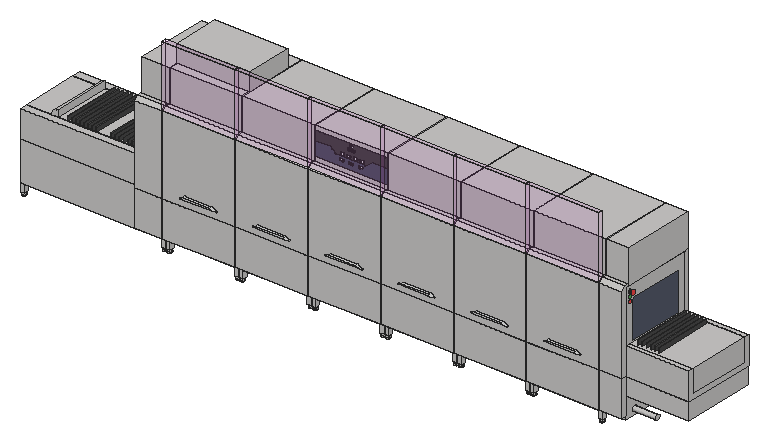
Revit family "QF_ELECTROLUXPROFESSIONAL_520718_EFTD108EL2U3D1M5R385", category Attrezzature speciali, Revit 2020
Family settings
  Quota connettore circolare = Usa diametro
  Tipo di parte = Normale
  Basato su piano di lavoro = No
  Sempre verticale = Sì
  Taglio con vuoti quando caricato = No
  Condiviso = No
  Punto di calcolo locali = No
Parameters (values of type "Standard")
  Weight = 1602.00 kg
  Watts = 93500 W
  Volts = 380 V
  URL Manufacturer = "https://www.electroluxprofessional.com/"
  URL = "https://www.electroluxprofessional.com/"
  Steam Supply Size = 0 mm
  Steam Supply Minimum Pressure = 0.0 Pa
  Steam Supply Maximum Pressure = 0.0 Pa
  Steam Consumption per Hour = 0
  Show Logo [instance] = yes
  Show Clearance [instance] = yes
  Refrigeration Suction Line Size = 0 mm
  Refrigeration Liquid Line Size = 0 mm
  Refrigerant Compressor Remote = yes
  Prospetto di default = 0 mm
  Produttore = "Electrolux Professional"
  Phase = 3
  Modello = "EFTD108EL2U3D1M5R385"
  Length Actual = 7350 mm  # constant formula
  Item Number = "520718"
  Hot Water Size = 0 mm
  Height Actual = 1983 mm  # constant formula
  HP = "125.4 HP"
  Gas Size = 0 mm
  Gas KW = 0
  Gas Input Pressure = 0 W
  Direct Waste Size = 50.8 mm
  Descrizione = "FT, 4Tanks, 10800D/H, El., 950mm loading, 1600mm unloading, 1Dryer, 55mm conveyor,R>L,380V50Hz3P"
  Depth Actual = 946 mm  # constant formula
  Cycle = 50 Hz
  Condensate Return Size = 0 mm
  Compressed Air Volume = 0.0 L/s
  Compressed Air Size = 0 mm
  Compressed Air Pressure = 0.0 Pa
  Cold Water Size = 0 mm
  Accessory = yes
Reference planes
  plane 1 "Centro (Fronte/Retro)": y = 0
  plane 2: z = 0
  plane 3 "Centro (Sinistra/Destra)": x = 0
  plane 4: z = 115
Forms (mm)
  Extrusion 1, solid, material "QF_Finishes_Stainless Steel"
    sketch origin (2882.404, 2, 1806.023) x (1, 0, 0) y (0, 0, 1)
      loop
        line (407.596, -163.023) -> (407.596, -183.023) -> (427.596, -183.023) -> (427.596, -163.023) -> (407.596, -163.023)
    from 0 to 2
  Extrusion 2, solid, material "QF_Finishes_Stainless Steel"
    sketch origin (-5.617, 22.464, 1290.159) x (0, 0, -1) y (0, 1, 0)
      loop
        circle (1102.159, -772.464) r 25
    from -9.383 to 5.617
  Extrusion 3, solid, material "QF_Finishes_Stainless Steel"
    sketch origin (3542.404, 2, 337.984) x (1, 0, 0) y (0, 0, 1)
      loop
        line (407.596, -163.023) -> (407.596, -183.023) -> (427.596, -183.023) -> (427.596, -163.023) -> (407.596, -163.023)
    from 0 to 2
  Extrusion 4, solid, material "QF_Finishes_Stainless Steel"
    sketch origin (847.841, 200.464, 109.383) x (1, 0, 0) y (0, 1, 0)
      loop
        circle (1102.159, -772.464) r 10
    from -9.383 to 5.617
  Extrusion 5, solid, material "QF_Finishes_Stainless Steel"
    sketch origin (6905.617, -1522.464, 1290.159) x (0, 0, -1) y (0, -1, 0)
      loop
        circle (1102.159, -772.464) r 25
    from -9.383 to 255.617
Dimensions and locks
  plane 4 to level = 115 mm
  aligned and locked: level to plane 2
Nested families
  nested 1: "MODULO_CENTER_800_FAN" at (1983.563, -388.258, 0), Show Clearance <- "Show Clearance", type "MODULO_CENTER_800_FAN"
    with Show Logo yes, Show Clearance yes, R_L no, L_R yes
  nested 2: "MODULO_CENTER_800" at (3583.563, -388.258, 0), Show Clearance <- "Show Clearance", type "MODULO_CENTER_800"
    with Show Logo yes, Show Clearance yes, R_L no, L_R yes
  nested 3: "MODULO_ENTRY_DISH_950" at (6791.437, -523.742, 0) x (-1, 0, 0) z (0, 0, 1), type "MODULO_ENTRY_DISH_950"
    with Show Logo yes, Show Clearance yes, R_L yes, L_R no
  nested 4: "MODULO_USCITA_DISH_1600" at (1241.437, -523.742, 0) x (-1, 0, 0) z (0, 0, 1), type "MODULO_USCITA_DISH_1600"
    with Show Logo yes, Show Clearance yes, R_L no, L_R yes
  nested 5: "Piedino_Square_115H" at (23.5, -838.5, 0), type "Piedino_Square_115H"
  nested 6: "Piedino_Square_115H" at (23.5, -73.5, 0), type "Piedino_Square_115H"
  nested 7: "Piedino_Square_115H" at (1576.5, -838.5, 0), type "Piedino_Square_115H"
  nested 8: "Piedino_Square_115H" at (1576.5, -73.5, 0), type "Piedino_Square_115H"
  nested 9: "Piedino_Square_115H" at (1623.5, -838.5, 0), type "Piedino_Square_115H"
  nested 10: "Piedino_Square_115H" at (1623.5, -73.5, 0), type "Piedino_Square_115H"
  nested 11: "Piedino_Square_115H" at (2376.5, -838.5, 0), type "Piedino_Square_115H"
  nested 12: "Piedino_Square_115H" at (2376.5, -73.5, 0), type "Piedino_Square_115H"
  nested 13: "Piedino_Square_115H" at (2423.5, -838.5, 0) x (-1, 0, 0) z (0, 0, 1), type "Piedino_Square_115H"
  nested 14: "Piedino_Square_115H" at (2423.5, -73.5, 0) x (-1, 0, 0) z (0, 0, 1), type "Piedino_Square_115H"
  nested 15: "Piedino_Square_115H" at (3176.5, -838.5, 0) x (-1, 0, 0) z (0, 0, 1), type "Piedino_Square_115H"
  nested 16: "Piedino_Square_115H" at (3176.5, -73.5, 0) x (-1, 0, 0) z (0, 0, 1), type "Piedino_Square_115H"
  nested 17: "Piedino_Square_115H" at (3223.5, -838.5, 0), type "Piedino_Square_115H"
  nested 18: "Piedino_Square_115H" at (3223.5, -73.5, 0), type "Piedino_Square_115H"
  nested 19: "Piedino_Square_115H" at (3976.5, -838.5, 0), type "Piedino_Square_115H"
  nested 20: "Piedino_Square_115H" at (3976.5, -73.5, 0), type "Piedino_Square_115H"
  nested 21: "MANIGLIA_FLIGHT_400" at (3600, -912, 639.28) x (1, 0, 0) z (0, -1, 0), type "MANIGLIA_FLIGHT_400"
  nested 22: "MANIGLIA_FLIGHT_400" at (2800, -912, 639.28) x (1, 0, 0) z (0, -1, 0), type "MANIGLIA_FLIGHT_400"
  nested 23: "MANIGLIA_FLIGHT_400" at (2000, -912, 639.28) x (1, 0, 0) z (0, -1, 0), type "MANIGLIA_FLIGHT_400"
  nested 24: "MODULO_CENTER_800" at (4416.437, -388.258, 0) x (-1, 0, 0) z (0, 0, 1), Show Clearance <- "Show Clearance", type "MODULO_CENTER_800"
    with Show Logo yes, Show Clearance yes, R_L no, L_R yes
  nested 25: "Piedino_Square_115H" at (4776.5, -838.5, 0) x (-1, 0, 0) z (0, 0, 1), type "Piedino_Square_115H"
  nested 26: "Piedino_Square_115H" at (4776.5, -73.5, 0) x (-1, 0, 0) z (0, 0, 1), type "Piedino_Square_115H"
  nested 27: "Piedino_Square_115H" at (4023.5, -838.5, 0) x (-1, 0, 0) z (0, 0, 1), type "Piedino_Square_115H"
  nested 28: "Piedino_Square_115H" at (4023.5, -73.5, 0) x (-1, 0, 0) z (0, 0, 1), type "Piedino_Square_115H"
  nested 29: "MANIGLIA_FLIGHT_400" at (4400, -912, 639.28) x (-1, 0, 0) z (0, -1, 0), type "MANIGLIA_FLIGHT_400"
  nested 30: "MODULO_CENTER_800" at (5183.563, -388.258, 0), Show Clearance <- "Show Clearance", type "MODULO_CENTER_800"
    with Show Logo yes, Show Clearance yes, R_L no, L_R yes
  nested 31: "Piedino_Square_115H" at (4823.5, -838.5, 0), type "Piedino_Square_115H"
  nested 32: "Piedino_Square_115H" at (4823.5, -73.5, 0), type "Piedino_Square_115H"
  nested 33: "Piedino_Square_115H" at (5576.5, -838.5, 0), type "Piedino_Square_115H"
  nested 34: "Piedino_Square_115H" at (5576.5, -73.5, 0), type "Piedino_Square_115H"
  nested 35: "MANIGLIA_FLIGHT_400" at (5200, -912, 639.28) x (1, 0, 0) z (0, -1, 0), type "MANIGLIA_FLIGHT_400"
  nested 36: "MODULO_CENTER_800" at (6016.437, -388.258, 0) x (-1, 0, 0) z (0, 0, 1), Show Clearance <- "Show Clearance", type "MODULO_CENTER_800"
    with Show Logo yes, Show Clearance yes, R_L no, L_R yes
  nested 37: "Piedino_Square_115H" at (6376.5, -838.5, 0) x (-1, 0, 0) z (0, 0, 1), type "Piedino_Square_115H"
  nested 38: "Piedino_Square_115H" at (6376.5, -73.5, 0) x (-1, 0, 0) z (0, 0, 1), type "Piedino_Square_115H"
  nested 39: "Piedino_Square_115H" at (5623.5, -838.5, 0) x (-1, 0, 0) z (0, 0, 1), type "Piedino_Square_115H"
  nested 40: "Piedino_Square_115H" at (5623.5, -73.5, 0) x (-1, 0, 0) z (0, 0, 1), type "Piedino_Square_115H"
  nested 41: "MANIGLIA_FLIGHT_400" at (6000, -912, 639.28) x (-1, 0, 0) z (0, -1, 0), type "MANIGLIA_FLIGHT_400"
  nested 42: "Schermo_Flight_800" at (3600, -815, 1593.097) x (1, 0, 0) z (0, -1, 0), type "Schermo_Flight_800"
  nested 43: "ELX_LOGO_WORDS_WHITE" at (3600, -816.6, 1683.097) x (1, 0, 0) z (0, -1, 0), Show Logo <- "Show Logo", visible <- "Show Logo", type "ELX_LOGO_WORDS_WHITE"
    with Show Logo yes
  nested 44: "ELX_LOGO_MONO_SMALL_WHITE" at (3590.08, -816.6, 1669.097) x (-1, 0, 0) z (0, -1, 0), Show Logo <- "Show Logo", visible <- "Show Logo", type "ELX_LOGO_MONO_SMALL_WHITE"
    with Show Logo yes
  nested 45: "MODULO_CENTER_800" at (2816.437, -388.258, 0) x (-1, 0, 0) z (0, 0, 1), Show Clearance <- "Show Clearance", type "MODULO_CENTER_800"
    with Show Logo yes, Show Clearance yes, R_L no, L_R yes
Connectors
  electrical at (3300, 2, 1633)
    settings: on Extrusion 1, index 69, voltage 0 V, apparent load 0 VA, apparent load phase1 0 VA, apparent load phase2 0 VA, apparent load phase3 0 VA, power factor 1, load classification "Altro", number of poles 1, system type 30, power factor state 1, is connector primary yes, connector utility no, sub classification motor no, connector description "EI"
  piping at (-15, -750, 188), diameter 50
    settings: on Extrusion 2, index 70, connector inside diameter 609.6 mm, connector length 0 mm, flow factor 0, pipe flow 0.0 L/s, pressure drop 0.0 Pa, fitting loss kfactor 0, connector angle 0.00°, fixture units 0, engagement length 0 mm, angle of deflection 0.00°, flow configuration 0, flow direction 0, fitting loss method 0, system type 29, joint type 0, gender type 0, connector reference index -1, connector utility 0, adjustable connector no, is connector primary yes, connector description "D"
  electrical at (3960, 2, 164.961)
    settings: on Extrusion 3, index 71, voltage 0 V, apparent load 0 VA, apparent load phase1 0 VA, apparent load phase2 0 VA, apparent load phase3 0 VA, power factor 1, load classification "Altro", number of poles 1, system type 30, power factor state 1, is connector primary no, connector utility no, sub classification motor no, connector description "EQ"
  piping at (1950, -572, 100), diameter 19.1
    settings: on Extrusion 4, index 72, connector inside diameter 609.6 mm, connector length 0 mm, flow factor 0, pipe flow 0.0 L/s, pressure drop 0.0 Pa, fitting loss kfactor 0, connector angle 0.00°, fixture units 0, engagement length 0 mm, angle of deflection 0.00°, flow configuration 0, flow direction 0, fitting loss method 0, system type 29, joint type 0, gender type 0, connector reference index -1, connector utility 0, adjustable connector no, is connector primary no, connector description "HWI/CWI"
  piping at (6915, -750, 188), diameter 50
    settings: on Extrusion 5, index 73, connector inside diameter 609.6 mm, connector length 0 mm, flow factor 0, pipe flow 0.0 L/s, pressure drop 0.0 Pa, fitting loss kfactor 0, connector angle 0.00°, fixture units 0, engagement length 0 mm, angle of deflection 0.00°, flow configuration 0, flow direction 0, fitting loss method 0, system type 29, joint type 0, gender type 0, connector reference index -1, connector utility 0, adjustable connector no, is connector primary no, connector description ""
Definition of nested family "MODULO_CENTER_800_FAN"
  Parameters (values of type "MODULO_CENTER_800_FAN")
    URL = "http://professional.electrolux.com"
    Show Logo [instance] = yes
    R_L [instance] = not(L_R)  # no
    Default Elevation = 0 mm
    Manufacturer = "Electrolux"
    Model = "ESR10E5"
    Length Actual = 800 mm
    Show Clearance [instance] = yes
    L_R [instance] = yes
    Height Actual = 1792 mm
    Description = "SINGLE RINSE RT, 100R/H, ELECTRIC 50HZ"
    Depth Actual = 912 mm
  Reference planes
    plane 1 "Center X": y = -67.742
    plane 2: z = 0
    plane 3 "LEFT": x = -383.563
    plane 4 "RIGHT": x = 416.437
    plane 5 "BACK": y = 388.258
    plane 6 "FEET": z = 115
    plane 7: z = 2092
    plane 8 "TOP": z = 1792
    plane 9 "FRONT": y = -523.742
    plane 10 "Left/Right": x = 16.437
    plane 11 "TopVent": z = 1983
  Forms (mm)
    Extrusion 1, solid
      sketch origin (416.437, 479.936, 4000) x (0, 1, 0) y (0, 0, 1)
        loop
          line (-91.678, -2208) -> (-906.678, -2208) -> (-906.678, -2580) -> (-91.678, -2580) -> (-91.678, -2208)
      from -800 to 0
    Extrusion 2, solid
      sketch origin (-383.563, 437.565, 3910) x (0, 1, 0) y (0, 0, 1)
        loop
          line (-99.307, -2490) -> (-911.307, -2490) -> (-911.307, -3552) -> (-99.307, -3552) -> (-99.307, -2490)
      from 800 to 0
    Extrusion 3, solid
      sketch origin (416.437, 479.936, 4299) x (0, 1, 0) y (0, 0, 1)
        loop
          line (-278.21, -2316) -> (-803.678, -2316) -> (-803.678, -2507) -> (-278.21, -2507) -> (-278.21, -2316)
      from -800 to 0
    Extrusion 4, solid
      sketch origin (16.437, 0, 1.5) x (0, 0, 1) y (0, -1, 0)
        loop
          line (356.5, -338.258) -> (356.5, 473.742) -> (113.5, 473.742) -> (113.5, -338.258) -> (356.5, -338.258)
      from 400 to -400
    Extrusion 5, solid
      sketch origin (16.437, 0, 0) x (0, 0, 1) y (0, -1, 0)
        loop
          line (1420, -338.258) -> (545, -338.258) -> (545, -388.258) -> (1420, -388.258) -> (1420, -338.258)
      from -400 to 400
    Extrusion 6, solid
      sketch origin (16.437, 0, 0) x (0, 0, 1) y (0, -1, 0)
        loop
          line (545, -388.258) -> (545, -338.258) -> (154, -338.258) -> (154, -388.258) -> (545, -388.258)
      from -400 to 400
    Extrusion 7, solid
      sketch origin (16.437, -882.484, -150) x (0, -1, 0) y (0, 0, 1)
        loop
          line (-358.742, 304) -> (-358.742, 695) -> (-408.742, 695) -> (-408.742, 304) -> (-358.742, 304)
      from -400 to 400
    Extrusion 8, solid
      sketch origin (16.437, -882.484, -151) x (0, -1, 0) y (0, 0, 1)
        loop
          line (-408.742, 1571) -> (-408.742, 696) -> (-358.742, 696) -> (-358.742, 1556) -> (-395.742, 1593) -> (-443.742, 1593) -> (-443.742, 1571) -> (-408.742, 1571)
      from -400 to 400
    Extrusion 9, solid, visible <- "Show Clearance"
      sketch origin (16.437, -882.484, 452) x (0, -1, 0) y (0, 0, 1)
        loop
          line (-408.742, 1640) -> (-408.742, 953.624) -> (-358.742, 953.624) -> (-358.742, 1640) -> (-408.742, 1640)
      from -400 to 400
  Dimensions and locks
    plane 3 "LEFT" to plane 4 "RIGHT" = 800 mm
    plane 5 "BACK" to plane 1 "Center X" to plane 9 "FRONT" = 456 mm, 456 mm
    plane 6 "FEET" to level = 115 mm  (x2)
    plane 6 "FEET" to plane 8 "TOP" = 1677 mm
    plane 5 "BACK" to plane 9 "FRONT" = 912 mm  (x2)
    plane 4 "RIGHT" to plane 3 "LEFT" = 800 mm
    plane 9 "FRONT" to plane 5 "BACK" = 912 mm
    level to plane 8 "TOP" = 1792 mm  (x2)
    plane 7 to level = 2092 mm
    plane 11 "TopVent" to plane 2 = 1983 mm
    plane 7 to plane 2 = 2092 mm
    Extrusion 2 to level = 1420 mm
    Extrusion 8 to level = 1442 mm
    plane 11 "TopVent" to level = 1983 mm
    aligned and locked: level to plane 2
Definition of nested family "MODULO_CENTER_800"
  Parameters (values of type "MODULO_CENTER_800")
    URL = "http://professional.electrolux.com"
    Show Logo [instance] = yes
    R_L [instance] = not(L_R)  # no
    Default Elevation = 0 mm
    Manufacturer = "Electrolux"
    Model = "ESR10E5"
    Length Actual = 800 mm
    Show Clearance [instance] = yes
    L_R [instance] = yes
    Height Actual = 1792 mm
    Description = "SINGLE RINSE RT, 100R/H, ELECTRIC 50HZ"
    Depth Actual = 912 mm
  Reference planes
    plane 1 "Center X": y = -67.742
    plane 2: z = 0
    plane 3 "LEFT": x = -383.563
    plane 4 "RIGHT": x = 416.437
    plane 5 "BACK": y = 388.258
    plane 6 "FEET": z = 115
    plane 7: z = 2092
    plane 8 "TOP": z = 1792
    plane 9 "FRONT": y = -523.742
    plane 10 "Left/Right": x = 16.437
  Forms (mm)
    Extrusion 1, solid
      sketch origin (416.437, 479.936, 4000) x (0, 1, 0) y (0, 0, 1)
        loop
          line (-91.678, -2208) -> (-906.678, -2208) -> (-906.678, -2580) -> (-91.678, -2580) -> (-91.678, -2208)
      from -800 to 0
    Extrusion 2, solid
      sketch origin (-383.563, 437.565, 3915) x (0, 1, 0) y (0, 0, 1)
        loop
          line (-99.307, -2495) -> (-911.307, -2495) -> (-911.307, -3557) -> (-99.307, -3557) -> (-99.307, -2495)
      from 800 to 0
    Extrusion 3, solid
      sketch origin (16.437, 0, 1.5) x (0, 0, 1) y (0, -1, 0)
        loop
          line (356.5, -338.258) -> (356.5, 473.742) -> (113.5, 473.742) -> (113.5, -338.258) -> (356.5, -338.258)
      from 400 to -400
    Extrusion 4, solid
      sketch origin (16.437, 0, 0) x (0, 0, 1) y (0, -1, 0)
        loop
          line (1420, -338.258) -> (545, -338.258) -> (545, -388.258) -> (1420, -388.258) -> (1420, -338.258)
      from -400 to 400
    Extrusion 5, solid
      sketch origin (16.437, 0, 0) x (0, 0, 1) y (0, -1, 0)
        loop
          line (545, -388.258) -> (545, -338.258) -> (154, -338.258) -> (154, -388.258) -> (545, -388.258)
      from -400 to 400
    Extrusion 6, solid
      sketch origin (16.437, -882.484, -150) x (0, -1, 0) y (0, 0, 1)
        loop
          line (-358.742, 304) -> (-358.742, 695) -> (-408.742, 695) -> (-408.742, 304) -> (-358.742, 304)
      from -400 to 400
    Extrusion 7, solid
      sketch origin (16.437, -882.484, -151) x (0, -1, 0) y (0, 0, 1)
        loop
          line (-408.742, 1571) -> (-408.742, 696) -> (-358.742, 696) -> (-358.742, 1556) -> (-395.742, 1593) -> (-443.742, 1593) -> (-443.742, 1571) -> (-408.742, 1571)
      from -400 to 400
    Extrusion 8, solid, visible <- "Show Clearance"
      sketch origin (16.437, -882.484, 452) x (0, -1, 0) y (0, 0, 1)
        loop
          line (-408.742, 1640) -> (-408.742, 953.624) -> (-358.742, 953.624) -> (-358.742, 1640) -> (-408.742, 1640)
      from -400 to 400
  Dimensions and locks
    plane 3 "LEFT" to plane 4 "RIGHT" = 800 mm
    plane 5 "BACK" to plane 1 "Center X" to plane 9 "FRONT" = 456 mm, 456 mm
    plane 6 "FEET" to level = 115 mm  (x2)
    plane 6 "FEET" to plane 8 "TOP" = 1677 mm
    plane 5 "BACK" to plane 9 "FRONT" = 912 mm  (x2)
    plane 4 "RIGHT" to plane 3 "LEFT" = 800 mm
    plane 9 "FRONT" to plane 5 "BACK" = 912 mm
    level to plane 8 "TOP" = 1792 mm  (x2)
    plane 7 to level = 2092 mm
    plane 7 to plane 2 = 2092 mm
    Extrusion 2 to level = 1420 mm
    Extrusion 7 to level = 1442 mm
    aligned and locked: level to plane 2
Definition of nested family "MODULO_ENTRY_DISH_950"
  Parameters (values of type "MODULO_ENTRY_DISH_950")
    URL = "http://professional.electrolux.com"
    Show Logo [instance] = yes
    R_L [instance] = not(L_R)  # no
    Default Elevation = 0 mm
    Manufacturer = "Electrolux"
    Model = "ESR10E5"
    Length Actual = 800 mm
    Show Clearance [instance] = yes
    L_R [instance] = yes
    Height Actual = 1792 mm
    Description = "SINGLE RINSE RT, 100R/H, ELECTRIC 50HZ"
    Depth Actual = 912 mm
  Reference planes
    plane 1 "Center (Front/Back)": y = -67.742
    plane 2: z = 0
    plane 3 "LEFT": x = -558.563
    plane 4 "RIGHT": x = 391.437
    plane 5 "BACK": y = 388.258
    plane 6 "FRONT": y = -523.742
    plane 7 "BUTTONS": y = -427.742
    plane 8: z = 115
    plane 9 "2": y = 292.258
  Forms (mm)
    Extrusion 1, solid, visible <- "L_R"
      sketch origin (391.437, 479.936, 4000) x (0, 1, 0) y (0, 0, 1)
        loop
          line (-91.678, -2208) -> (-906.678, -2208) -> (-906.678, -2580) -> (-91.678, -2580) -> (-91.678, -2208)
      from -250 to 0
    Extrusion 2, solid
      sketch origin (-358.563, 437.565, 3910) x (0, 1, 0) y (0, 0, 1)
        loop
          line (-99.307, -2490) -> (-911.307, -2490) -> (-911.307, -3552) -> (-99.307, -3552) -> (-99.307, -2490)
      from 750 to 500
    Extrusion 3, solid
      sketch origin (-558.563, 437.565, 3910) x (0, 1, 0) y (0, 0, 1)
        loop
          line (-99.307, -3365) -> (-99.307, -3060) -> (-149.307, -3060) -> (-149.307, -3315) -> (-861.307, -3315) -> (-861.307, -3060) -> (-911.307, -3060) -> (-911.307, -3365) -> (-99.307, -3365)
      from 700 to 0
    Extrusion 4, solid
      sketch origin (16.437, 0, -4.987) x (0, 0, 1) y (0, -1, 0)
        loop
          line (362.987, -338.258) -> (362.987, 473.742) -> (119.987, 473.742) -> (119.987, -338.258) -> (362.987, -338.258)
      from 375 to 125
    Extrusion 5, solid, visible <- "L_R"
      sketch origin (16.437, 0, 0) x (0, 0, 1) y (0, -1, 0)
        loop
          line (1420, -338.258) -> (545, -338.258) -> (545, -388.258) -> (1420, -388.258) -> (1420, -338.258)
      from 125 to 375
    Extrusion 6, solid
      sketch origin (16.437, 0, 0) x (0, 0, 1) y (0, -1, 0)
        loop
          line (545, -388.258) -> (545, -338.258) -> (154, -338.258) -> (154, -388.258) -> (545, -388.258)
      from 125 to 375
    Extrusion 7, solid
      sketch origin (-558.563, 437.565, 3607.258) x (0, 1, 0) y (0, 0, 1)
        loop
          line (-99.307, -3249.258) -> (-99.307, -3062.258) -> (-911.307, -3062.258) -> (-911.307, -3249.258) -> (-99.307, -3249.258)
      from 700 to 0
    Extrusion 8, solid
      sketch origin (-558.563, 437.565, 4000) x (0, 1, 0) y (0, 0, 1)
        loop
          line (-149.307, -3150) -> (-861.307, -3150) -> (-861.307, -3405) -> (-149.307, -3405) -> (-149.307, -3150)
      from 0 to 700
    Extrusion 9, solid
      sketch origin (266.437, -882.484, -150) x (0, -1, 0) y (0, 0, 1)
        loop
          line (-358.742, 304) -> (-358.742, 695) -> (-408.742, 695) -> (-408.742, 304) -> (-358.742, 304)
      from -125 to 125
    Extrusion 10, solid, visible <- "L_R"
      sketch origin (266.437, -882.484, -151) x (0, -1, 0) y (0, 0, 1)
        loop
          line (-408.742, 1571) -> (-408.742, 696) -> (-358.742, 696) -> (-358.742, 1556) -> (-395.742, 1593) -> (-443.742, 1593) -> (-443.742, 1571) -> (-408.742, 1571)
      from -125 to 125
    Extrusion 11, solid
      sketch origin (-358.563, 437.565, 4000) x (0, 1, 0) y (0, 0, 1)
        loop
          line (-199.307, -2725.701) -> (-811.307, -2725.701) -> (-811.307, -3137.701) -> (-199.307, -3137.701) -> (-199.307, -2725.701)
      from 495.458 to 500
    Extrusion 12, solid, visible <- "R_L"
      sketch origin (266.437, 747, -151) x (0, 1, 0) y (0, 0, -1)
        loop
          line (-408.742, -1571) -> (-443.742, -1571) -> (-443.742, -1593) -> (-395.742, -1593) -> (-358.742, -1556) -> (-358.742, -696) -> (-408.742, -696) -> (-408.742, -1571)
      from -125 to 125
    Extrusion 13, solid, visible <- "R_L"
      sketch origin (16.437, -135.484, 0) x (0, 0, 1) y (0, -1, 0)
        loop
          line (1420, 338.258) -> (1420, 388.258) -> (545, 388.258) -> (545, 338.258) -> (1420, 338.258)
      from 125 to 375
    Extrusion 14, solid, visible <- "R_L"
      sketch origin (391.437, -615.42, 4000) x (0, -1, 0) y (0, 0, -1)
        loop
          line (-91.678, 2208) -> (-91.678, 2580) -> (-906.678, 2580) -> (-906.678, 2208) -> (-91.678, 2208)
      from -250 to 0
    Extrusion 15, solid
      sketch origin (-191.477, -192.742, -3) x (-1, 0, 0) y (0, 0, 1)
        loop
          line (-26.676, 853) -> (-26.676, 898) -> (-36.676, 898) -> (-36.676, 853) -> (-26.676, 853)
      from -196 to 446
    Extrusion 16, solid
      sketch origin (-146.477, -192.742, -3) x (-1, 0, 0) y (0, 0, 1)
        loop
          line (-26.676, 853) -> (-26.676, 898) -> (-36.676, 898) -> (-36.676, 853) -> (-26.676, 853)
      from -196 to 446
    Extrusion 17, solid
      sketch origin (-101.477, -192.742, -3) x (-1, 0, 0) y (0, 0, 1)
        loop
          line (-26.676, 853) -> (-26.676, 898) -> (-36.676, 898) -> (-36.676, 853) -> (-26.676, 853)
      from -196 to 446
    Extrusion 18, solid
      sketch origin (-56.477, -192.742, -3) x (-1, 0, 0) y (0, 0, 1)
        loop
          line (-26.676, 853) -> (-26.676, 898) -> (-36.676, 898) -> (-36.676, 853) -> (-26.676, 853)
      from -196 to 446
    Extrusion 19, solid
      sketch origin (-11.477, -192.742, -3) x (-1, 0, 0) y (0, 0, 1)
        loop
          line (-26.676, 853) -> (-26.676, 898) -> (-36.676, 898) -> (-36.676, 853) -> (-26.676, 853)
      from -196 to 446
    Extrusion 20, solid
      sketch origin (33.523, -192.742, -3) x (-1, 0, 0) y (0, 0, 1)
        loop
          line (-26.676, 853) -> (-26.676, 898) -> (-36.676, 898) -> (-36.676, 853) -> (-26.676, 853)
      from -196 to 446
  Dimensions and locks
    plane 3 "LEFT" to plane 4 "RIGHT" = 950 mm
    plane 5 "BACK" to plane 1 "Center (Front/Back)" to plane 6 "FRONT" = 456 mm, 456 mm
    plane 5 "BACK" to plane 6 "FRONT" = 912 mm  (x2)
    plane 4 "RIGHT" to plane 3 "LEFT" = 950 mm  (x2)
    plane 6 "FRONT" to plane 5 "BACK" = 912 mm
    plane 8 to level = 115 mm
    Extrusion 1 to level = 1792 mm
    Extrusion 3 to level = 850 mm
    aligned and locked: level to plane 2
  Nested families
    nested 1: "BOTTONE_RED_STOP" at (141.437, -427.742, 1266.906) x (0, -1, 0) z (-1, 0, 0), visible <- "L_R", type "BOTTONE_RED_STOP"
    nested 2: "BOTTONE_EMERGENCY_STOP" at (141.437, -427.742, 1370) x (0, -1, 0) z (-1, 0, 0), visible <- "L_R", type "BOTTONE_EMERGENCY_STOP"
    nested 3: "BOTTONE_GREEN_START" at (141.437, -427.742, 1316.906) x (0, -1, 0) z (-1, 0, 0), visible <- "L_R", type "BOTTONE_GREEN_START"
    nested 4: "BOTTONE_RED_STOP" at (141.437, 292.258, 1267.906) x (0, 1, 0) z (-1, 0, 0), visible <- "R_L", type "BOTTONE_RED_STOP"
    nested 5: "BOTTONE_EMERGENCY_STOP" at (141.437, 292.258, 1371) x (0, 1, 0) z (-1, 0, 0), visible <- "R_L", type "BOTTONE_EMERGENCY_STOP"
    nested 6: "BOTTONE_GREEN_START" at (141.437, 292.258, 1317.906) x (0, 1, 0) z (-1, 0, 0), visible <- "R_L", type "BOTTONE_GREEN_START"
  Definition of nested family "BOTTONE_RED_STOP"
    Parameters (values of type "BOTTONE_RED_STOP")
      Default Elevation = 1219.2 mm
    Reference planes
      plane 1 "Centro (Fronte/Retro)": y = 0
      plane 2: z = 0
      plane 3 "Centro (Sinistra/Destra)": x = 0
    Forms (mm)
      Extrusion 1, solid
        sketch origin (0, 0, 0) x (1, 0, 0) y (0, 1, 0)
          loop
            line (-1219.2, 1219.2) -> (-1219.2, -1219.2) -> (1219.2, -1219.2) -> (1219.2, 1219.2) -> (-1219.2, 1219.2)
        from 0 to -304.8
      Extrusion 2, solid
        sketch origin (-367.513, 69.533, 15) x (-1, 0, 0) y (0, 1, 0)
          loop
            circle (-367.513, -69.533) r 15
        from 0 to 15
    Dimensions and locks
      aligned and locked: plane 2 to Extrusion 1
      aligned and locked: level to Extrusion 1
  Definition of nested family "BOTTONE_EMERGENCY_STOP"
    Parameters
      Default Elevation = 1219.2 mm
    Reference planes
      plane 1 "Centro (Fronte/Retro)": y = 0
      plane 2: z = 0
      plane 3 "Centro (Sinistra/Destra)": x = 0
    Forms (mm)
      Extrusion 1, solid
        sketch origin (0, 0, 0) x (1, 0, 0) y (0, 1, 0)
          loop
            line (-1219.2, 1219.2) -> (-1219.2, -1219.2) -> (1219.2, -1219.2) -> (1219.2, 1219.2) -> (-1219.2, 1219.2)
        from 0 to -304.8
      Extrusion 2, solid
        sketch origin (0, 0, 0) x (1, 0, 0) y (0, 1, 0)
          loop
            circle (0, 0) r 15
        from 0 to 20.273
      Blend 3, solid
        base sketch origin (-49.801, 0, 0) x (1, 0, 0) y (0, 1, 0)
          loop
            circle (49.801, 0) r 15
        top sketch origin (-49.801, 0, 0) x (1, 0, 0) y (0, 1, 0)
          loop
            circle (49.801, 0) r 25
        from 20.273 to 47.605
    Dimensions and locks
      aligned and locked: plane 2 to Extrusion 1
      aligned and locked: level to Extrusion 1
  Definition of nested family "BOTTONE_GREEN_START"
    Parameters (values of type "BOTTONE_GREEN_START")
      Default Elevation = 1219.2 mm
    Reference planes
      plane 1 "Centro (Fronte/Retro)": y = 0
      plane 2: z = 0
      plane 3 "Centro (Sinistra/Destra)": x = 0
    Forms (mm)
      Extrusion 1, solid
        sketch origin (0, 0, 0) x (1, 0, 0) y (0, 1, 0)
          loop
            line (-1219.2, 1219.2) -> (-1219.2, -1219.2) -> (1219.2, -1219.2) -> (1219.2, 1219.2) -> (-1219.2, 1219.2)
        from 0 to -304.8
      Extrusion 2, solid
        sketch origin (-367.513, 69.533, 15) x (-1, 0, 0) y (0, 1, 0)
          loop
            circle (-367.513, -69.533) r 15
        from 0 to 15
    Dimensions and locks
      aligned and locked: plane 2 to Extrusion 1
      aligned and locked: level to Extrusion 1
Definition of nested family "MODULO_USCITA_DISH_1600"
  Parameters (values of type "MODULO_USCITA_DISH_1600")
    URL = "http://professional.electrolux.com"
    Show Logo [instance] = yes
    R_L [instance] = not(L_R)  # yes
    Default Elevation = 0 mm
    Manufacturer = "Electrolux"
    Model = "ESR10E5"
    Length Actual = 800 mm
    Show Clearance [instance] = yes
    L_R [instance] = no
    Height Actual = 1792 mm
    Description = "SINGLE RINSE RT, 100R/H, ELECTRIC 50HZ"
    Depth Actual = 912 mm
  Reference planes
    plane 1 "Center (Front/Back)": y = -67.742
    plane 2: z = 0
    plane 3 "LEFT": x = -358.563
    plane 4 "BACK": y = 388.258
    plane 5 "FEET": z = 115
    plane 6 "TOP": z = 1792
    plane 7 "FRONT": y = -523.742
    plane 8: x = -358.563
    plane 9: y = -427.742
    plane 10 "RIGHT": x = 1241.437
  Forms (mm)
    Extrusion 1, solid, visible <- "R_L"
      sketch origin (-358.563, 479.936, 4003) x (0, 1, 0) y (0, 0, -1)
        loop
          line (-91.678, 2211) -> (-91.678, 2583) -> (-906.678, 2583) -> (-906.678, 2211) -> (-91.678, 2211)
      from -300 to 0
    Extrusion 2, solid
      sketch origin (-358.563, 437.565, 4003) x (0, 1, 0) y (0, 0, 1)
        loop
          line (-99.307, -3458) -> (-911.307, -3458) -> (-911.307, -3888) -> (-99.307, -3888) -> (-99.307, -3458)
      from 300 to 0
    Extrusion 3, solid
      sketch origin (-358.563, 479.936, 4003) x (0, 1, 0) y (0, 0, -1)
        loop
          line (-141.678, 2583) -> (-141.678, 3458) -> (-953.678, 3458) -> (-953.678, 2583) -> (-141.678, 2583)
      from -300 to 0
    Extrusion 4, solid
      sketch origin (391.437, 437.565, 3913) x (0, 1, 0) y (0, 0, -1)
        loop
          line (-99.307, 3368) -> (-911.307, 3368) -> (-911.307, 3063) -> (-826.307, 3063) -> (-826.307, 3318) -> (-184.307, 3318) -> (-184.307, 3063) -> (-99.307, 3063) -> (-99.307, 3368)
      from 450 to -850
    Extrusion 5, solid, visible <- "R_L"
      sketch origin (16.437, 0, 3) x (0, 0, 1) y (0, 1, 0)
        loop
          line (1417, 338.258) -> (1417, 388.258) -> (542, 388.258) -> (542, 338.258) -> (1417, 338.258)
      from 75 to 375
    Extrusion 6, solid
      sketch origin (16.437, 0, 3) x (0, 0, 1) y (0, 1, 0)
        loop
          line (542, 388.258) -> (151, 388.258) -> (151, 338.258) -> (542, 338.258) -> (542, 388.258)
      from 75 to 375
    Extrusion 7, solid
      sketch origin (391.437, 437.565, 3610.258) x (0, 1, 0) y (0, 0, -1)
        loop
          line (-99.307, 3495.258) -> (-911.307, 3495.258) -> (-911.307, 3065.258) -> (-99.307, 3065.258) -> (-99.307, 3495.258)
      from 450 to -850
    Extrusion 8, solid
      sketch origin (1241.437, 0, 3) x (0, 1, 0) y (0, 0, 1)
        loop
          line (253.258, 847) -> (-388.742, 847) -> (-388.742, 592) -> (253.258, 592) -> (253.258, 847)
      from 0 to -1300
    Extrusion 9, solid
      sketch origin (-358.563, 437.565, 3928) x (0, 1, 0) y (0, 0, 1)
        loop
          line (-811.307, -3065.701) -> (-199.307, -3065.701) -> (-199.307, -2653.701) -> (-811.307, -2653.701) -> (-811.307, -3065.701)
      from 300 to 304.77
    Extrusion 10, solid
      sketch origin (-208.563, -115, -147) x (0, 1, 0) y (0, 0, 1)
        loop
          line (-358.742, 301) -> (-358.742, 692) -> (-408.742, 692) -> (-408.742, 301) -> (-358.742, 301)
      from -150 to 150
    Extrusion 11, solid, visible <- "R_L"
      sketch origin (-208.563, -882.484, -151) x (0, -1, 0) y (0, 0, 1)
        loop
          line (-408.742, 1571) -> (-408.742, 696) -> (-358.742, 696) -> (-358.742, 1556) -> (-395.742, 1593) -> (-443.742, 1593) -> (-443.742, 1571) -> (-408.742, 1571)
      from -150 to 150
    Extrusion 12, solid
      sketch origin (-39.574, -192.742, -3) x (-1, 0, 0) y (0, 0, 1)
        loop
          line (-26.676, 853) -> (-26.676, 898) -> (-36.676, 898) -> (-36.676, 853) -> (-26.676, 853)
      from -196 to 446
    Extrusion 13, solid
      sketch origin (5.426, -192.742, -3) x (-1, 0, 0) y (0, 0, 1)
        loop
          line (-26.676, 853) -> (-26.676, 898) -> (-36.676, 898) -> (-36.676, 853) -> (-26.676, 853)
      from -196 to 446
    Extrusion 14, solid
      sketch origin (50.426, -192.742, -3) x (-1, 0, 0) y (0, 0, 1)
        loop
          line (-26.676, 853) -> (-26.676, 898) -> (-36.676, 898) -> (-36.676, 853) -> (-26.676, 853)
      from -196 to 446
    Extrusion 15, solid
      sketch origin (95.426, -192.742, -3) x (-1, 0, 0) y (0, 0, 1)
        loop
          line (-26.676, 853) -> (-26.676, 898) -> (-36.676, 898) -> (-36.676, 853) -> (-26.676, 853)
      from -196 to 446
    Extrusion 16, solid
      sketch origin (140.426, -192.742, -3) x (-1, 0, 0) y (0, 0, 1)
        loop
          line (-26.676, 853) -> (-26.676, 898) -> (-36.676, 898) -> (-36.676, 853) -> (-26.676, 853)
      from -196 to 446
    Extrusion 17, solid
      sketch origin (185.426, -192.742, -3) x (-1, 0, 0) y (0, 0, 1)
        loop
          line (-26.676, 853) -> (-26.676, 898) -> (-36.676, 898) -> (-36.676, 853) -> (-26.676, 853)
      from -196 to 446
    Extrusion 18, solid
      sketch origin (230.426, -192.742, -3) x (-1, 0, 0) y (0, 0, 1)
        loop
          line (-26.676, 853) -> (-26.676, 898) -> (-36.676, 898) -> (-36.676, 853) -> (-26.676, 853)
      from -196 to 446
    Extrusion 19, solid
      sketch origin (275.426, -192.742, -3) x (-1, 0, 0) y (0, 0, 1)
        loop
          line (-26.676, 853) -> (-26.676, 898) -> (-36.676, 898) -> (-36.676, 853) -> (-26.676, 853)
      from -196 to 446
    Revolve 20, solid
      sketch origin (460, 0, 850) x (1, 0, 0) y (0, 1, 0)
        loop
          line (430.204, 253.258) -> (430.204, -388.742) -> (502.335, -388.742) -> (502.335, 253.258) -> (430.204, 253.258)
        axis (430.204, 253.258) -> (430.204, -388.742)
      angle from 0 to -90
    Extrusion 21, solid, visible <- "L_R"
      sketch origin (-208.563, 747, -151) x (0, 1, 0) y (0, 0, -1)
        loop
          line (-408.742, -1571) -> (-443.742, -1571) -> (-443.742, -1593) -> (-395.742, -1593) -> (-358.742, -1556) -> (-358.742, -696) -> (-408.742, -696) -> (-408.742, -1571)
      from -150 to 150
    Extrusion 22, solid, visible <- "L_R"
      sketch origin (16.437, -135.484, 3) x (0, 0, 1) y (0, 1, 0)
        loop
          line (1417, -338.258) -> (542, -338.258) -> (542, -388.258) -> (1417, -388.258) -> (1417, -338.258)
      from 75 to 375
    Extrusion 23, solid, visible <- "L_R"
      sketch origin (-358.563, -615.42, 4003) x (0, -1, 0) y (0, 0, 1)
        loop
          line (-91.678, -2211) -> (-906.678, -2211) -> (-906.678, -2583) -> (-91.678, -2583) -> (-91.678, -2211)
      from -300 to 0
    Extrusion 24, solid
      sketch origin (440.426, -192.742, -3) x (-1, 0, 0) y (0, 0, 1)
        loop
          line (-26.676, 853) -> (-26.676, 898) -> (-36.676, 898) -> (-36.676, 853) -> (-26.676, 853)
      from -196 to 446
    Extrusion 25, solid
      sketch origin (485.426, -192.742, -3) x (-1, 0, 0) y (0, 0, 1)
        loop
          line (-26.676, 853) -> (-26.676, 898) -> (-36.676, 898) -> (-36.676, 853) -> (-26.676, 853)
      from -196 to 446
    Extrusion 26, solid
      sketch origin (530.426, -192.742, -3) x (-1, 0, 0) y (0, 0, 1)
        loop
          line (-26.676, 853) -> (-26.676, 898) -> (-36.676, 898) -> (-36.676, 853) -> (-26.676, 853)
      from -196 to 446
    Extrusion 27, solid
      sketch origin (575.426, -192.742, -3) x (-1, 0, 0) y (0, 0, 1)
        loop
          line (-26.676, 853) -> (-26.676, 898) -> (-36.676, 898) -> (-36.676, 853) -> (-26.676, 853)
      from -196 to 446
    Extrusion 28, solid
      sketch origin (620.426, -192.742, -3) x (-1, 0, 0) y (0, 0, 1)
        loop
          line (-26.676, 853) -> (-26.676, 898) -> (-36.676, 898) -> (-36.676, 853) -> (-26.676, 853)
      from -196 to 446
    Extrusion 29, solid
      sketch origin (665.426, -192.742, -3) x (-1, 0, 0) y (0, 0, 1)
        loop
          line (-26.676, 853) -> (-26.676, 898) -> (-36.676, 898) -> (-36.676, 853) -> (-26.676, 853)
      from -196 to 446
    Extrusion 30, solid
      sketch origin (710.426, -192.742, -3) x (-1, 0, 0) y (0, 0, 1)
        loop
          line (-26.676, 853) -> (-26.676, 898) -> (-36.676, 898) -> (-36.676, 853) -> (-26.676, 853)
      from -196 to 446
    Extrusion 31, solid
      sketch origin (755.426, -192.742, -3) x (-1, 0, 0) y (0, 0, 1)
        loop
          line (-26.676, 853) -> (-26.676, 898) -> (-36.676, 898) -> (-36.676, 853) -> (-26.676, 853)
      from -196 to 446
  Dimensions and locks
    plane 4 "BACK" to plane 1 "Center (Front/Back)" to plane 7 "FRONT" = 456 mm, 456 mm
    plane 5 "FEET" to level = 115 mm  (x2)
    plane 4 "BACK" to plane 7 "FRONT" = 912 mm  (x2)
    plane 7 "FRONT" to plane 4 "BACK" = 912 mm
    level to plane 6 "TOP" = 1792 mm
    plane 3 "LEFT" to plane 10 "RIGHT" = 1600 mm
    plane 8 to plane 10 "RIGHT" = 1600 mm
    plane 6 "TOP" to level = 1792 mm
    aligned and locked: level to plane 2
  Nested families
    nested 1: "BOTTONE_EMERGENCY_STOP" at (-58.563, -427.742, 1369) x (0, -1, 0) z (1, 0, 0), visible <- "R_L", type "BOTTONE_EMERGENCY_STOP"
    nested 2: "BOTTONE_GREEN_START" at (-58.563, -427.742, 1315.906) x (0, -1, 0) z (1, 0, 0), visible <- "R_L", type "BOTTONE_GREEN_START"
    nested 3: "BOTTONE_RED_STOP" at (-58.563, -427.742, 1265.906) x (0, -1, 0) z (1, 0, 0), visible <- "R_L", type "BOTTONE_RED_STOP"
    nested 4: "BOTTONE_EMERGENCY_STOP" at (-58.563, 292.258, 1369) x (0, 1, 0) z (1, 0, 0), visible <- "L_R", type "BOTTONE_EMERGENCY_STOP"
    nested 5: "BOTTONE_GREEN_START" at (-58.563, 292.258, 1315.906) x (0, 1, 0) z (1, 0, 0), visible <- "L_R", type "BOTTONE_GREEN_START"
    nested 6: "BOTTONE_RED_STOP" at (-58.563, 292.258, 1265.906) x (0, 1, 0) z (1, 0, 0), visible <- "L_R", type "BOTTONE_RED_STOP"
  Definition of nested family "BOTTONE_EMERGENCY_STOP"
    Parameters
      Default Elevation = 1219.2 mm
    Reference planes
      plane 1 "Centro (Fronte/Retro)": y = 0
      plane 2: z = 0
      plane 3 "Centro (Sinistra/Destra)": x = 0
    Forms (mm)
      Extrusion 1, solid
        sketch origin (0, 0, 0) x (1, 0, 0) y (0, 1, 0)
          loop
            line (-1219.2, 1219.2) -> (-1219.2, -1219.2) -> (1219.2, -1219.2) -> (1219.2, 1219.2) -> (-1219.2, 1219.2)
        from 0 to -304.8
      Extrusion 2, solid
        sketch origin (0, 0, 0) x (1, 0, 0) y (0, 1, 0)
          loop
            circle (0, 0) r 15
        from 0 to 20.273
      Blend 3, solid
        base sketch origin (-49.801, 0, 0) x (1, 0, 0) y (0, 1, 0)
          loop
            circle (49.801, 0) r 15
        top sketch origin (-49.801, 0, 0) x (1, 0, 0) y (0, 1, 0)
          loop
            circle (49.801, 0) r 25
        from 20.273 to 47.605
    Dimensions and locks
      aligned and locked: plane 2 to Extrusion 1
      aligned and locked: level to Extrusion 1
  Definition of nested family "BOTTONE_GREEN_START"
    Parameters (values of type "BOTTONE_GREEN_START")
      Default Elevation = 1219.2 mm
    Reference planes
      plane 1 "Centro (Fronte/Retro)": y = 0
      plane 2: z = 0
      plane 3 "Centro (Sinistra/Destra)": x = 0
    Forms (mm)
      Extrusion 1, solid
        sketch origin (0, 0, 0) x (1, 0, 0) y (0, 1, 0)
          loop
            line (-1219.2, 1219.2) -> (-1219.2, -1219.2) -> (1219.2, -1219.2) -> (1219.2, 1219.2) -> (-1219.2, 1219.2)
        from 0 to -304.8
      Extrusion 2, solid
        sketch origin (-367.513, 69.533, 15) x (-1, 0, 0) y (0, 1, 0)
          loop
            circle (-367.513, -69.533) r 15
        from 0 to 15
    Dimensions and locks
      aligned and locked: plane 2 to Extrusion 1
      aligned and locked: level to Extrusion 1
  Definition of nested family "BOTTONE_RED_STOP"
    Parameters (values of type "BOTTONE_RED_STOP")
      Default Elevation = 1219.2 mm
    Reference planes
      plane 1 "Centro (Fronte/Retro)": y = 0
      plane 2: z = 0
      plane 3 "Centro (Sinistra/Destra)": x = 0
    Forms (mm)
      Extrusion 1, solid
        sketch origin (0, 0, 0) x (1, 0, 0) y (0, 1, 0)
          loop
            line (-1219.2, 1219.2) -> (-1219.2, -1219.2) -> (1219.2, -1219.2) -> (1219.2, 1219.2) -> (-1219.2, 1219.2)
        from 0 to -304.8
      Extrusion 2, solid
        sketch origin (-367.513, 69.533, 15) x (-1, 0, 0) y (0, 1, 0)
          loop
            circle (-367.513, -69.533) r 15
        from 0 to 15
    Dimensions and locks
      aligned and locked: plane 2 to Extrusion 1
      aligned and locked: level to Extrusion 1
Definition of nested family "Piedino_Square_115H"
  Parameters (values of type "Piedino_Square_115H")
    Default Elevation = 0 mm
  Reference planes
    plane 1 "Centro (Fronte/Retro)": y = 0
    plane 2: z = 0
    plane 3 "Centro (Sinistra/Destra)": x = 0
    plane 4: z = 115
  Forms (mm)
    Extrusion 1, solid
      sketch origin (0, 0, 0) x (1, 0, 0) y (0, 1, 0)
        loop
          circle (0, 0) r 23
      from 0 to 5
    Extrusion 2, solid
      sketch origin (0, 0, 5) x (1, 0, 0) y (0, 1, 0)
        loop
          circle (0, 0) r 20
      from 0 to 25.777
    Extrusion 3, solid
      sketch origin (0, 0, 30.777) x (1, 0, 0) y (0, 1, 0)
        loop
          line (-23.5, 23.5) -> (-23.5, -23.5) -> (23.5, -23.5) -> (23.5, 23.5) -> (-23.5, 23.5)
      from 0 to 84.223
  Dimensions and locks
    plane 4 to level = 115 mm  (x2)
    radius of Extrusion 1 sketch curve = 23 mm
    aligned and locked: level to plane 2
    aligned and locked: Extrusion 1 to level
Definition of nested family "MANIGLIA_FLIGHT_400"
  Parameters
    Default Elevation = 1219.2 mm
  Reference planes
    plane 1 "Centro (Fronte/Retro)": y = 0
    plane 2: z = 0
    plane 3 "Centro (Sinistra/Destra)": x = 0
  Forms (mm)
    Extrusion 1, solid
      sketch origin (0, 0, 0) x (1, 0, 0) y (0, 1, 0)
        loop
          line (-1219.2, 1219.2) -> (-1219.2, -1219.2) -> (1219.2, -1219.2) -> (1219.2, 1219.2) -> (-1219.2, 1219.2)
      from 0 to -304.8
    Extrusion 2, solid
      sketch origin (-503, 656.113, -50) x (-1, 0, 0) y (0, 1, 0)
        loop
          line (-651.038, -638.613) -> (-703, -668.613) -> (-703, -673.613) -> (-658.503, -673.613) -> (-623.862, -653.613) -> (-382.138, -653.613) -> (-347.497, -673.613) -> (-303, -673.613) -> (-303, -668.613) -> (-354.962, -638.613) -> (-651.038, -638.613)
      from -86.258 to -50
    Extrusion 3, void
      sketch origin (0, -681.887, 358.742) x (0, 0, 1) y (0, 1, 0)
        loop
          line (-322.484, 684.387) -> (-353.281, 664.387) -> (-322.484, 664.387) -> (-322.484, 684.387)
      from -200 to 200
  Cuts and joins
    Extrusion 3 cuts Extrusion 2
  Dimensions and locks
    cut or joined group of Extrusion 2, Extrusion 3 to cut or joined group of Extrusion 2, Extrusion 3 = 400 mm
    cut or joined group of Extrusion 2, Extrusion 3 to cut or joined group of Extrusion 2, Extrusion 3 = 35 mm
    aligned and locked: plane 2 to Extrusion 1
    aligned and locked: level to Extrusion 1
Definition of nested family "Schermo_Flight_800"
  Parameters (values of type "Schermo_Flight_800")
    Default Elevation = 1219.2 mm
  Reference planes
    plane 1 "Center (Front/Back)": y = 0
    plane 2: z = 0
    plane 3 "Center (Left/Right)": x = 0
  Forms (mm)
    Extrusion 1, solid
      sketch origin (0, 0, 0) x (1, 0, 0) y (0, 1, 0)
        loop
          line (-1219.2, 1219.2) -> (-1219.2, -1219.2) -> (1219.2, -1219.2) -> (1219.2, 1219.2) -> (-1219.2, 1219.2)
      from 0 to -304.8
    Extrusion 2, solid
      sketch origin (0, -25, 0) x (1, 0, 0) y (0, 1, 0)
        loop
          line (-400, -82.94) -> (400, -82.94) -> (400, 70.507) -> (238.561, 70.507) -> (167.154, 20.507) -> (-167.154, 20.507) -> (-238.561, 70.507) -> (-400, 70.507) -> (-400, -82.94)
        loop
          line (-126.915, -7.668) -> (-126.915, -27.668) -> (-81.915, -27.668) -> (-81.915, -7.668) -> (-126.915, -7.668)
        loop
          line (-22.5, -7.668) -> (-22.5, -27.668) -> (22.5, -27.668) -> (22.5, -7.668) -> (-22.5, -7.668)
        loop
          line (126.915, -7.668) -> (81.915, -7.668) -> (81.915, -27.668) -> (126.915, -27.668) -> (126.915, -7.668)
      from 0 to 1.6
    Extrusion 3, solid
      sketch origin (0, -25, 0) x (1, 0, 0) y (0, 1, 0)
        loop
          line (-400, 177.06) -> (-400, 70.507) -> (-238.561, 70.507) -> (-167.154, 20.507) -> (167.154, 20.507) -> (238.561, 70.507) -> (400, 70.507) -> (400, 177.06) -> (-400, 177.06)
        loop
          line (-117.417, 56.68) -> (-117.417, 31.68) -> (-77.417, 31.68) -> (-77.417, 56.68) -> (-117.417, 56.68)
        loop
          line (-47.417, 56.68) -> (-47.417, 31.68) -> (-7.417, 31.68) -> (-7.417, 56.68) -> (-47.417, 56.68)
        loop
          line (27.583, 56.68) -> (27.583, 31.68) -> (67.583, 31.68) -> (67.583, 56.68) -> (27.583, 56.68)
        loop
          line (97.583, 56.68) -> (97.583, 31.68) -> (137.583, 31.68) -> (137.583, 56.68) -> (97.583, 56.68)
      from 0 to 1.6
    Extrusion 4, solid
      sketch origin (0, 0, 0) x (1, 0, 0) y (0, 1, 0)
        loop
          line (-117.417, 31.68) -> (-117.417, 6.68) -> (-77.417, 6.68) -> (-77.417, 31.68) -> (-117.417, 31.68)
        loop
          line (-47.417, 31.68) -> (-47.417, 6.68) -> (-7.417, 6.68) -> (-7.417, 31.68) -> (-47.417, 31.68)
        loop
          line (27.583, 31.68) -> (27.583, 6.68) -> (67.583, 6.68) -> (67.583, 31.68) -> (27.583, 31.68)
        loop
          line (97.583, 31.68) -> (97.583, 6.68) -> (137.583, 6.68) -> (137.583, 31.68) -> (97.583, 31.68)
        loop
          line (-126.915, -32.668) -> (-126.915, -52.668) -> (-81.915, -52.668) -> (-81.915, -32.668) -> (-126.915, -32.668)
        loop
          line (-22.5, -32.668) -> (-22.5, -52.668) -> (22.5, -52.668) -> (22.5, -32.668) -> (-22.5, -32.668)
        loop
          line (81.915, -32.668) -> (81.915, -52.668) -> (126.915, -52.668) -> (126.915, -32.668) -> (81.915, -32.668)
      from 0 to 1.6
  Dimensions and locks
    Extrusion 3 to Extrusion 3 = 800 mm
    Extrusion 2 to Extrusion 3 = 260 mm
    aligned and locked: plane 2 to Extrusion 1
    aligned and locked: level to Extrusion 1
Definition of nested family "ELX_LOGO_WORDS_WHITE"
  Parameters (values of type "ELX_LOGO_WORDS_WHITE")
    Show Logo [instance] = yes
    Default Elevation = 0 mm
  Reference planes
    plane 1 "Centro (Fronte/Retro)": y = 0
    plane 2: z = 0
    plane 3 "Centro (Sinistra/Destra)": x = 0
  Forms (mm)
    Extrusion 1, solid
      sketch origin (0, 0, 0) x (1, 0, 0) y (0, 1, 0)
        loop
          line (-1219.2, 1219.2) -> (-1219.2, -1219.2) -> (1219.2, -1219.2) -> (1219.2, 1219.2) -> (-1219.2, 1219.2)
      from 0 to -304.8
    Extrusion 2, solid, visible <- "Show Logo"
      sketch origin (0, 0, 0) x (1, 0, 0) y (0, 1, 0)
        loop
          line (-30.234, 10.561) -> (-37.67, 10.561) -> (-37.67, 1.902)
          arc (-37.67, 1.902) -> (-36.691, -0.461) -> (-34.329, -1.439) r 3.341
          line (-34.329, -1.439) -> (-30.09, -1.439) -> (-30.09, 0.503) -> (-33.845, 0.503)
          arc (-33.845, 0.503) -> (-35.079, 0.92) -> (-35.604, 2.112) r 1.615
          line (-35.604, 2.112) -> (-35.604, 3.829) -> (-30.555, 3.829) -> (-30.555, 5.779) -> (-35.604, 5.779) -> (-35.604, 8.617) -> (-30.234, 8.617) -> (-30.234, 10.561)
        loop
          line (-28.622, 10.561) -> (-28.622, -1.439) -> (-26.555, -1.439) -> (-26.555, 10.561) -> (-28.622, 10.561)
        loop
          line (16.27, 10.561) -> (16.27, -1.439) -> (18.338, -1.439) -> (18.338, 10.561) -> (16.27, 10.561)
        loop
          line (-23.137, 2.393) -> (-16.354, 2.393)
          arc (-16.354, 2.393) -> (-17.415, 6.119) -> (-21.043, 7.478) r 4.298
          arc (-21.043, 7.478) -> (-24.239, 5.857) -> (-25.151, 2.393) r 4.373
          arc (-25.151, 2.393) -> (-23.951, -0.505) -> (-21.053, -1.705) r 4.097
          arc (-21.053, -1.705) -> (-18.799, -1.372) -> (-16.908, -0.099) r 5.15
          line (-16.908, -0.099) -> (-18.133, 1.125)
          arc (-18.133, 1.125) -> (-19.74, 0.161) -> (-21.607, 0.323) r 3.039
          arc (-21.607, 0.323) -> (-22.746, 1.081) -> (-23.137, 2.393) r 2.013
        loop
          line (-23.085, 3.846) -> (-18.431, 3.846)
          arc (-18.431, 3.846) -> (-19.084, 5.22) -> (-20.519, 5.727) r 1.983
          arc (-20.519, 5.727) -> (-22.175, 5.295) -> (-23.085, 3.846) r 2.321
        loop
          line (-8.297, 4.711) -> (-6.999, 6.009)
          arc (-6.999, 6.009) -> (-8.627, 7.187) -> (-10.604, 7.539) r 4.497
          arc (-10.604, 7.539) -> (-13.621, 6.437) -> (-15.204, 3.642) r 4.652
          arc (-15.204, 3.642) -> (-12.536, -1.257) -> (-7.072, -0.127) r 4.684
          line (-7.072, -0.127) -> (-8.363, 1.163)
          arc (-8.363, 1.163) -> (-11.149, 0.242) -> (-13.145, 2.393) r 2.714
          arc (-13.145, 2.393) -> (-13.006, 4.094) -> (-11.835, 5.335) r 2.578
          arc (-11.835, 5.335) -> (-9.96, 5.621) -> (-8.297, 4.711) r 2.961
        loop
          line (-5.73, 10.561) -> (-5.73, 2.36)
          arc (-5.73, 2.36) -> (-5.551, 1.13) -> (-5.09, -0.025) r 5.301
          arc (-5.09, -0.025) -> (-3.615, -1.198) -> (-1.746, -1.445) r 3.531
          line (-1.746, -1.445) -> (-1.746, 0.492)
          arc (-1.746, 0.492) -> (-2.302, 0.534) -> (-2.82, 0.74) r 1.862
          arc (-2.82, 0.74) -> (-3.484, 1.442) -> (-3.662, 2.393) r 1.713
          line (-3.662, 2.393) -> (-3.662, 5.362) -> (-1.785, 5.362) -> (-1.785, 7.24) -> (-3.662, 7.24) -> (-3.662, 10.561) -> (-5.73, 10.561)
        loop
          arc (2.004, 3.123) -> (2.152, 3.988) -> (2.578, 4.755) r 2.607
          arc (2.578, 4.755) -> (3.817, 5.391) -> (5.208, 5.362) r 2.84
          line (5.208, 5.362) -> (5.208, 7.349)
          arc (5.208, 7.349) -> (3.39, 7.177) -> (2.004, 5.989) r 3.016
          line (2.004, 5.989) -> (2.004, 7.24) -> (-0.046, 7.24) -> (-0.046, -1.439) -> (2.004, -1.439) -> (2.004, 3.123)
        loop
          circle (10.262, 2.899) r 4.599
        loop
          circle (10.262, 2.899) r 2.787
        loop
          arc (25.793, 2.175) -> (25.283, 0.772) -> (23.898, 0.213) r 1.835
          arc (23.898, 0.213) -> (22.514, 0.772) -> (22.004, 2.175) r 1.835
          line (22.004, 2.175) -> (22.004, 7.24) -> (19.919, 7.24) -> (19.919, 2.003)
          arc (19.919, 2.003) -> (21.105, -0.701) -> (23.898, -1.659) r 3.675
          arc (23.898, -1.659) -> (26.723, -0.672) -> (27.877, 2.088) r 3.675
          line (27.877, 2.088) -> (27.877, 7.24) -> (25.793, 7.24) -> (25.793, 2.175)
        loop
          line (29.126, 7.24) -> (32.128, 3.164) -> (28.83, -1.442) -> (31.052, -1.442) -> (33.241, 1.615) -> (35.462, -1.442) -> (37.67, -1.442) -> (34.419, 3.211) -> (37.392, 7.24) -> (35.135, 7.24) -> (33.234, 4.663) -> (31.362, 7.24) -> (29.126, 7.24)
        loop
          line (-35.875, -6.414) -> (-37.523, -6.414) -> (-37.523, -10.564) -> (-36.621, -10.564) -> (-36.621, -9.135) -> (-35.625, -9.135)
          arc (-35.625, -9.135) -> (-34.509, -7.66) -> (-35.875, -6.414) r 1.372
        loop
          arc (-35.664, -8.32) -> (-35.322, -7.786) -> (-35.664, -7.253) r 0.587
          line (-35.664, -7.253) -> (-36.621, -7.253) -> (-36.621, -8.32) -> (-35.664, -8.32)
        loop
          line (-29.363, -6.414) -> (-31.04, -6.414) -> (-31.04, -10.564) -> (-30.138, -10.564) -> (-30.138, -9.135) -> (-29.265, -9.135) -> (-28.669, -10.564) -> (-27.7, -10.564) -> (-28.516, -8.814)
          arc (-28.516, -8.814) -> (-28.125, -8.347) -> (-27.994, -7.752) r 1.281
          arc (-27.994, -7.752) -> (-28.406, -6.804) -> (-29.363, -6.414) r 1.37
        loop
          line (-30.138, -7.253) -> (-30.138, -8.32) -> (-29.18, -8.32)
          arc (-29.18, -8.32) -> (-28.839, -7.786) -> (-29.18, -7.253) r 0.587
          line (-29.18, -7.253) -> (-30.138, -7.253)
        loop
          circle (-22.402, -8.489) r 2.156
        loop
          circle (-22.402, -8.489) r 1.368
        loop
          line (-16.703, -6.414) -> (-16.703, -10.564) -> (-15.823, -10.564) -> (-15.823, -9.114) -> (-14.261, -9.114) -> (-14.261, -8.184) -> (-15.823, -8.184) -> (-15.823, -7.308) -> (-14.111, -7.308) -> (-14.111, -6.414) -> (-16.703, -6.414)
        loop
          line (-10.611, -6.414) -> (-10.611, -9.216)
          arc (-10.611, -9.216) -> (-10.229, -10.166) -> (-9.284, -10.561) r 1.327
          line (-9.284, -10.561) -> (-7.945, -10.561) -> (-7.945, -9.777) -> (-9.204, -9.777)
          arc (-9.204, -9.777) -> (-9.668, -9.394) -> (-9.759, -8.799) r 0.845
          line (-9.759, -8.799) -> (-8.1, -8.799) -> (-8.1, -8.015) -> (-9.759, -8.015) -> (-9.759, -7.198) -> (-7.985, -7.198) -> (-7.985, -6.414) -> (-10.611, -6.414)
        loop
          arc (4.417, -6.94) -> (3.867, -6.489) -> (3.171, -6.345) r 1.485
          arc (3.171, -6.345) -> (2.528, -6.503) -> (2, -6.902) r 1.645
          arc (2, -6.902) -> (1.902, -7.844) -> (2.51, -8.571) r 1.217
          arc (2.51, -8.571) -> (3.021, -8.741) -> (3.506, -8.976) r 4.201
          arc (3.506, -8.976) -> (3.812, -9.337) -> (3.601, -9.761) r 0.43
          arc (3.601, -9.761) -> (3.209, -9.853) -> (2.819, -9.754) r 0.846
          arc (2.819, -9.754) -> (2.482, -9.511) -> (2.275, -9.15) r 0.983
          line (2.275, -9.15) -> (1.549, -9.489)
          arc (1.549, -9.489) -> (1.811, -9.993) -> (2.232, -10.374) r 1.595
          arc (2.232, -10.374) -> (2.71, -10.578) -> (3.227, -10.63) r 1.719
          arc (3.227, -10.63) -> (3.867, -10.503) -> (4.442, -10.197) r 2.246
          arc (4.442, -10.197) -> (4.697, -9.52) -> (4.566, -8.81) r 1.349
          arc (4.566, -8.81) -> (4.282, -8.482) -> (3.919, -8.245) r 1.564
          arc (3.919, -8.245) -> (3.46, -8.04) -> (2.99, -7.864) r 8.236
          arc (2.99, -7.864) -> (2.718, -7.441) -> (3.111, -7.128) r 0.375
          arc (3.111, -7.128) -> (3.581, -7.241) -> (3.943, -7.563) r 0.998
          line (3.943, -7.563) -> (4.417, -6.94)
        loop
          line (8.225, -6.414) -> (8.225, -10.561) -> (9.077, -10.561) -> (9.077, -6.414) -> (8.225, -6.414)
        loop
          circle (14.827, -8.488) r 1.29
        loop
          circle (14.827, -8.488) r 2.154
        loop
          line (20.548, -10.561) -> (21.409, -10.561) -> (21.409, -7.954) -> (23.306, -10.561) -> (24.135, -10.561) -> (24.135, -6.414) -> (23.274, -6.414) -> (23.274, -9.101) -> (21.377, -6.414) -> (20.548, -6.414) -> (20.548, -10.561)
        loop
          line (28.435, -10.561) -> (28.839, -9.667) -> (30.373, -9.667) -> (30.777, -10.561) -> (31.693, -10.561) -> (29.942, -6.414) -> (29.142, -6.414) -> (27.519, -10.561) -> (28.435, -10.561)
        loop
          line (29.99, -8.816) -> (29.579, -7.905) -> (29.18, -8.816) -> (29.99, -8.816)
        loop
          line (35.929, -9.777) -> (35.929, -6.414) -> (35.076, -6.414) -> (35.076, -10.561) -> (37.523, -10.561) -> (37.523, -9.777) -> (35.929, -9.777)
        loop
          arc (-1.8, -6.94) -> (-2.35, -6.489) -> (-3.046, -6.345) r 1.485
          arc (-3.046, -6.345) -> (-3.689, -6.503) -> (-4.218, -6.902) r 1.645
          arc (-4.218, -6.902) -> (-4.316, -7.844) -> (-3.708, -8.571) r 1.217
          arc (-3.708, -8.571) -> (-3.197, -8.741) -> (-2.712, -8.976) r 4.201
          arc (-2.712, -8.976) -> (-2.405, -9.337) -> (-2.616, -9.761) r 0.43
          arc (-2.616, -9.761) -> (-3.008, -9.853) -> (-3.399, -9.754) r 0.846
          arc (-3.399, -9.754) -> (-3.736, -9.511) -> (-3.942, -9.15) r 0.983
          line (-3.942, -9.15) -> (-4.668, -9.489)
          arc (-4.668, -9.489) -> (-4.407, -9.993) -> (-3.985, -10.374) r 1.595
          arc (-3.985, -10.374) -> (-3.507, -10.578) -> (-2.99, -10.63) r 1.719
          arc (-2.99, -10.63) -> (-2.351, -10.503) -> (-1.775, -10.197) r 2.246
          arc (-1.775, -10.197) -> (-1.521, -9.52) -> (-1.652, -8.81) r 1.349
          arc (-1.652, -8.81) -> (-1.936, -8.482) -> (-2.298, -8.245) r 1.564
          arc (-2.298, -8.245) -> (-2.757, -8.04) -> (-3.228, -7.864) r 8.236
          arc (-3.228, -7.864) -> (-3.5, -7.441) -> (-3.107, -7.128) r 0.375
          arc (-3.107, -7.128) -> (-2.636, -7.241) -> (-2.274, -7.563) r 0.998
          line (-2.274, -7.563) -> (-1.8, -6.94)
      from 0 to 1.644
  Dimensions and locks
    aligned and locked: plane 2 to Extrusion 1
    aligned and locked: level to Extrusion 1
Definition of nested family "ELX_LOGO_MONO_SMALL_WHITE"
  Parameters (values of type "ELX_LOGO_MONO_SMALL_WHITE")
    Show Logo [instance] = yes
    Default Elevation = 1219.2 mm
  Reference planes
    plane 1 "Center (Front/Back)": y = -49
    plane 2: z = 0
    plane 3 "Center (Left/Right)": x = -9.92
  Forms (mm)
    Extrusion 1, solid
      sketch origin (0, 0, 0) x (1, 0, 0) y (0, 1, 0)
        loop
          line (-1219.2, 1219.2) -> (-1219.2, -1219.2) -> (1219.2, -1219.2) -> (1219.2, 1219.2) -> (-1219.2, 1219.2)
      from 0 to -304.8
    Extrusion 2, solid, visible <- "Show Logo"
      sketch origin (84.462, 509.781, 0) x (1, 0, 0) y (0, 1, 0)
        loop
          line (-97.736, -569.727) -> (-97.736, -547.891)
          arc (-97.736, -547.891) -> (-105.808, -558.809) -> (-97.736, -569.727) r 11.42
        loop
          arc (-96.625, -569.727) -> (-87.544, -567.663) -> (-83.169, -559.442) r 11.191
          line (-83.169, -559.442) -> (-86.782, -559.442)
          arc (-86.782, -559.442) -> (-93.235, -562.062) -> (-96.625, -568.146) r 10.49
          line (-96.625, -568.146) -> (-96.625, -569.727)
        loop
          arc (-96.625, -549.472) -> (-93.235, -555.557) -> (-86.782, -558.176) r 10.49
          line (-86.782, -558.176) -> (-83.169, -558.176)
          arc (-83.169, -558.176) -> (-87.537, -549.888) -> (-96.625, -547.611) r 11.484
          line (-96.625, -547.611) -> (-96.625, -549.472)
        loop
          line (-82.34, -570.919) -> (-82.34, -546.65) -> (-106.642, -546.65) -> (-106.642, -570.919) -> (-82.34, -570.919)
      from 0 to 1.644
  Dimensions and locks
    aligned and locked: plane 2 to Extrusion 1
    aligned and locked: level to Extrusion 1
